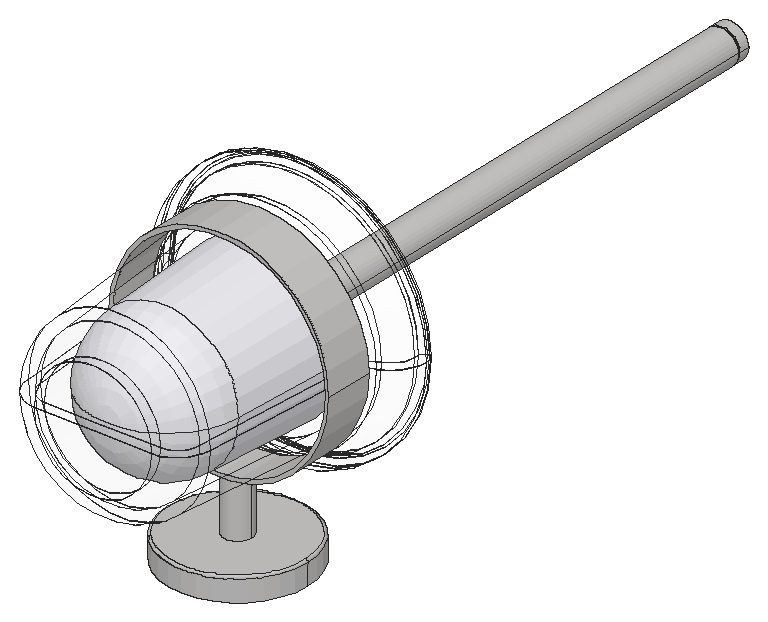
Revit family "PRD_FrankeWS_TltBrshHldrs_FIRMUSToiletBrushHolder_FIRX005HP", category Specialty Equipment, host Face, Revit 2018
Family settings
  Host = Face
  Round Connector Dimension = Use Diameter
  Part Type = Normal
  OmniClass Number = 23.40.20.21
  OmniClass Title = Toilet and Bath Specialties
  Cut with Voids When Loaded = No
  Shared = No
  Room Calculation Point = No
Parameters (values of type "FIRX005HP")
  WarrantyStartDate [instance] = "1900-12-31T23:59:59"
  WarrantyGuarantorParts = "n/a"
  WarrantyGuarantorLabor = "n/a"
  WarrantyDurationUnit = "year"
  WarrantyDurationParts = "n/a"
  WarrantyDurationLabor = "n/a"
  WarrantyDescription = "n/a"
  Version = "1"
  Uniclass2015Version = "Products v1.17"
  Uniclass2015Title = "Toilet brush holders"
  Uniclass2015Code = "Pr_40_20_76_86"
  URL = "www.kwc.com"
  TypeOfMounting = "Wall mounting"
  TypeOfFixing = "Screw"
  TypeOfBrush = "Nylon"
  TagNumber [instance] = "n/a"
  SustainabilityPerformance = "n/a"
  Style = "Brush holder"
  Size = "115 x 340 x 140 mm"
  Shape = "n/a"
  SerialNumber [instance] = "n/a"
  Revision = "n/a"
  ReplacementCost = "n/a"
  ProductInformation = "https://pim.kwc.com/product/2000106273/attachment/datasheet?locale=en"
  NominalWidth = 115.00 mm
  NominalHeight = 340.00 mm
  NominalDepth = 140.00 mm
  NetWeight = 0.65 kg
  Name = "Toilet Brush Holder FIRX005HP"
  NBSTypeID = "n/a"
  NBSReference = "45-35-72/364"
  NBSOfficeMasterTag = "n/a"
  NBSNote = "n/a"
  NBSDescription = "Toilet brush holders"
  NBSCertification = "n/a"
  ModelReference = "FIRX005HP"
  ModelNumber = "2000106273"
  Model = ModelReference  # "FIRX005HP"
  MaterialCode = "1.4301"
  Material = "stainless steel"
  ManufacturerURL = "www.kwc.com"
  ManufacturerName = "KWC Group AG"  # constant formula
  Manufacturer = ManufacturerName  # "KWC Group AG"
  MainColor = "stainless steel"
  IsBuiltIn = "TRUE"
  IntegralAccessories = "incl. stainless steel screws and dowels"
  InstallationDate [instance] = "1900-12-31T23:59:59"
  IfcExportType = "USERDEFINED"
  IfcExportAs = "IfcFurnitureType"
  HolderMaterial = PRD_AR_StainlessSteel_HighPolished
  HandleMaterial = PRD_AR_StainlessSteel_HighPolished
  GrossWeight = 0.88 kg
  Grade = "n/a"
  Finish = "high polished"
  Features = "stainless steel, surface high polished"
  ExpectedLife = "n/a"
  DurationUnit = "year"
  Description = "Toilet brush holder for wall mounting, 304 stainless steel handle with nylon brush, glass cup, round covers to conceal the fixing of screws, inclusive stainless steel screws and dowels."
  Default Elevation = 100.00 mm
  CupMaterial = PRD_AR_FrostedGlass
  CreateOn = "05/2020"  # constant formula
  Constituents = "n/a"
  Color = "n/a"
  CodePerformance = "n/a"
  Category = "Pr_40_20_76_86, Toilet brush holders"
  BrushMaterial = PRD_AR_ToiletBrush
  BrushColour = "White"
  BarCode [instance] = "n/a"
  BIMObjectName = "PRD_AR_ToiletBrushHolders_FIRMUSToiletBrushHolder_FIRX005HP"
  Author = "Archispace"  # constant formula
  AssetType = "Fixed"
  AssetIdentifier [instance] = "n/a"
  AccessibilityPerformance = "n/a"
Reference planes
  plane 1 "Center (Front/Back)": y = 0
  plane 2: z = 0
  plane 3 "Center (Left/Right)": x = 0
  plane 4: z = 82.5
Forms (mm)
  Extrusion 1, solid, material "PRD_AR_StainlessSteel_HighPolished" <- "HolderMaterial", detail levels fine
    sketch origin (273, 0, 0) x (1, 0, 0) y (0, 1, 0)
      loop
        circle (-273, 0) r 30
    from 0 to 10
  Extrusion 2, solid, material "PRD_AR_StainlessSteel_HighPolished" <- "HolderMaterial", detail levels medium
    sketch origin (273, 0, 0) x (1, 0, 0) y (0, 1, 0)
      loop
        circle (-273, 0) r 30
    from 0 to 10
  Extrusion 3, solid, material "PRD_AR_StainlessSteel_HighPolished" <- "HandleMaterial", detail levels fine
    sketch origin (0, 0, 0) x (1, 0, 0) y (0, 0, 1)
      loop
        circle (0, 82.5) r 47
      loop
        circle (0, 82.5) r 45.5
    from 10 to -11
  Revolve 4, solid, material "PRD_AR_StainlessSteel_HighPolished" <- "HolderMaterial", detail levels fine
    sketch origin (-60, 12.5, 82.5) x (1, 0, 0) y (0, 1, 0)
      loop
        line (52.5, 10) -> (46, 10) -> (46, 0) -> (60, 0) -> (60, 250.5) -> (52.5, 250.5) -> (52.5, 246) -> (53.3, 246) -> (53.3, 245) -> (52.5, 245) -> (52.5, 10)
      axis (60, 250.5) -> (60, 0)
    angle from 0 to 360
  Revolve 5, solid, material "PRD_AR_ToiletBrush" <- "BrushMaterial", detail levels fine
    sketch origin (-60, 12.5, 82.5) x (1, 0, 0) y (0, 1, 0)
      loop
        line (25.24, 0) -> (27.965, -52)
        arc (27.965, -52) -> (37.919, -73.59) -> (60, -82.4) r 32.079
        line (60, -82.4) -> (60, 0) -> (25.24, 0)
      axis (60, 0) -> (60, -82.4)
    angle from 0 to 360
  Sweep 6, void
    path in 3D
      loop
        arc (-30, 0, 10) -> (0, 30, 10) -> (30, 0, 10) r 30
        arc (30, 0, 10) -> (0, -30, 10) -> (-30, 0, 10) r 30
    profile origin (0, -30, 10) x (0, -1, 0) y (0, 0, 1)
      loop
        line (0, 0) -> (-1, 0)
        arc (-1, 0) -> (-0.293, -0.293) -> (0, -1) r 1
        line (0, -1) -> (0, 0)
  Extrusion 7, solid, material "PRD_AR_StainlessSteel_HighPolished" <- "HandleMaterial", detail levels fine
    sketch origin (0, 0, 0) x (1, 0, 0) y (0, 1, 0)
      loop
        circle (0, 0) r 6
    from 10 to 36.591
  Revolve 8, solid, material "PRD_AR_FrostedGlass" <- "CupMaterial", detail levels fine
    sketch origin (0, 0, 82.5) x (1, 0, 0) y (0, 1, 0)
      loop
        line (0, -77) -> (0, -72) -> (-24.807, -72)
        arc (-24.807, -72) -> (-31.136, -69.024) -> (-34.012, -62.65) r 10.095
        line (-34.012, -62.65) -> (-39.173, 10.792)
        arc (-39.173, 10.792) -> (-41.187, 16.142) -> (-45.802, 19.514) r 10
        arc (-45.802, 19.514) -> (-50.657, 23.194) -> (-52.5, 29) r 10.066
        line (-52.5, 29) -> (-52.5, 31)
        arc (-52.5, 31) -> (-53.086, 32.414) -> (-54.5, 33) r 2
        line (-54.5, 33) -> (-55.5, 33)
        arc (-55.5, 33) -> (-56.914, 32.414) -> (-57.5, 31) r 2
        line (-57.5, 31) -> (-57.5, 29)
        arc (-57.5, 29) -> (-54.741, 20.31) -> (-47.475, 14.803) r 15.066
        arc (-47.475, 14.803) -> (-45.168, 13.116) -> (-44.161, 10.441) r 5
        line (-44.161, 10.441) -> (-39, -63)
        arc (-39, -63) -> (-34.616, -72.616) -> (-25, -77) r 15.095
        line (-25, -77) -> (0, -77)
      axis (0, 33) -> (0, -77)
    angle from 0 to 360
  Extrusion 9, solid, material "PRD_AR_StainlessSteel_HighPolished" <- "HandleMaterial", detail levels medium
    sketch origin (0, 0, 0) x (1, 0, 0) y (0, 1, 0)
      loop
        circle (0, 0) r 6
    from 10 to 25.5
  Sweep 10, solid, material "PRD_AR_FrostedGlass" <- "CupMaterial", detail levels medium
    path origin (0, 0, 0) x (0, 1, 0) y (0, 0, 1)
      loop
        line (33, 82.5) -> (-77, 82.5)
    profile origin (0, -22, 82.5) x (0, 0, -1) y (1, 0, 0)
      loop
        circle (0, 0) r 57.5
  Revolve 11, solid, material "PRD_AR_StainlessSteel_HighPolished" <- "HolderMaterial", detail levels coarse+medium
    sketch origin (-60, 12.5, 82.5) x (1, 0, 0) y (0, 1, 0)
      loop
        line (52.5, 20.5) -> (60, 20.5) -> (60, 250.5) -> (52.5, 250.5) -> (52.5, 20.5)
      axis (60, 250.5) -> (60, 20.5)
    angle from 0 to 360
  Extrusion 12, solid, material "PRD_AR_StainlessSteel_HighPolished" <- "HolderMaterial", detail levels coarse
    sketch origin (0, 0, 0) x (1, 0, 0) y (0, 0, 1)
      loop
        line (-57.5, 82.5) -> (-57.5, 0) -> (57.5, 0) -> (57.5, 82.5)
        arc (57.5, 82.5) -> (0, 140) -> (-57.5, 82.5) r 57.5
    from -33 to 77
Cuts and joins
  Sweep 6 cuts Extrusion 1
  joined: Extrusion 3, Extrusion 7
Lines and regions (mm)
  sketch lines
    curve 1: arc (30, 0, 10) -> (0, -30, 10) -> (-30, 0, 10) r 30
    curve 2: arc (-30, 0, 10) -> (0, 30, 10) -> (30, 0, 10) r 30
Dimensions and locks
  aligned and locked: plane 2 to host face
  aligned and locked: level to host face
